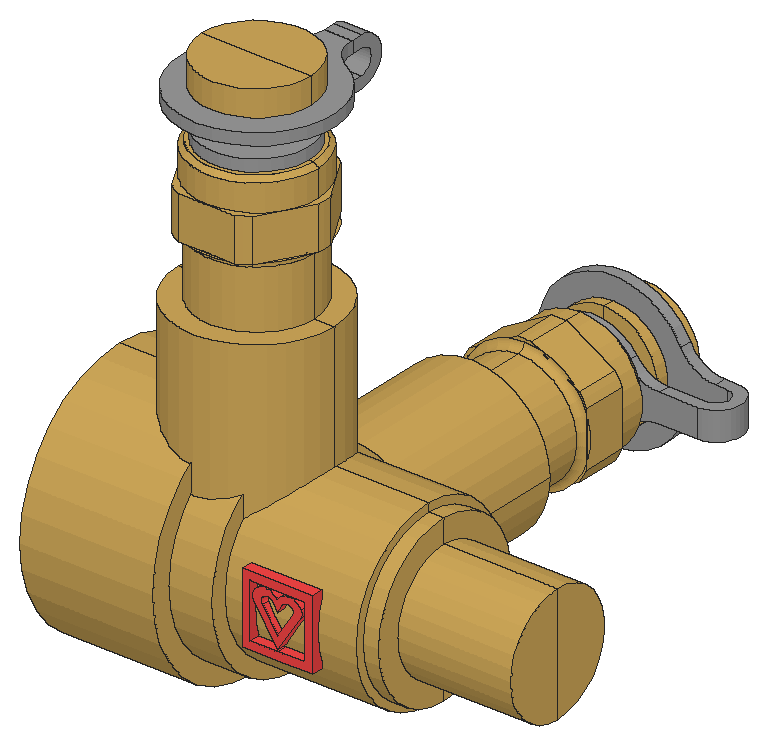
Revit family "Messblende 4000", category Rohrzubehör, Revit 2018
Family settings
  Bemaßung runder Anschluss = Durchmesser verwenden
  Teiletyp = Unterbricht
  OmniClass-Nummer = 23.65.55.14
  OmniClass-Titel = Valves for Liquid Services
  Arbeitsebenenbasiert = Nein
  Immer vertikal = Ja
  Beim Laden mit Abzugskörper schneiden = Nein
  Gemeinsam genutzt = Nein
Parameters
  kvs-Wert [instance] = if(Nennweite = 15.00 mm, 2.2, if(Nennweite = 20.00 mm, 4.25, if(Nennweite = 25.00 mm, 8.6, if(Nennweite = 32.00 mm, 15.9, if(Nennweite = 40.00 mm, 23.7, if(Nennweite = 50.00 mm, 48, 0))))))  # 2.2
  Verwendung = "HERZ-Messblenden werden in die Strangleitungen von Warmwasser- Zentralheizungsanlagen sowie Kühlanlagen eingebaut und ermöglichen den hydraulischen Abgleich der Strangleitungen untereinander.\r\nDer Einsatz der Messblenden ist im Vorlauf als auch im Rücklauf möglich.\r\nSie werden entweder eng gekoppelt an ein HERZ- Strangregulierventil installiert, um ein komplettes Set zu bilden oder in Verbindung mit einer HERZ Absperrarmatur eingesetzt.\r\nDie Einregulierung des Stranges wird durch Einstellen des Strangregulierventiles während der Druckverlustmessung an der Messblende vorgenommen."
  URL = "www.herz-armaturen.at"
  SCRNSEQ = "AWI;AWI_TYP=\"1001\";02"
  SCRNCODE = "02;01;02"  # constant formula
  S03 = 10.00 mm  # constant formula
  S02 [instance] = S01 - 10.00 mm  # 17.50 mm
  S01 [instance] = H01  # 27.50 mm
  R01 [instance] = size_lookup("4000_", "R1", 1.00 mm, Nennweite)  # 10.00 mm
  Nennweite [instance] = 15.00 mm
  Min. Betriebstemperatur = -20 °C  # constant formula
  Messventile = "Messing, CW602N"  # constant formula
  Medium = "Heizungswasserqualität nach ÖNORM H 5195 oder VDI-Richtline 2035.\r\nDie Verwendung von Ethylen- oder Propylenglykol in einem Mischungsverhältnis 25 - 50 Vol.-% ist zulässig."
  Max. Betriebstemperatur (bis DN32) = 130 °C  # constant formula
  Max. Betriebstemperatur (ab DN40) = 110 °C  # constant formula
  Max. Betriebsdruck = 2000000.0 Pa  # constant formula
  LO01 [instance] = if(Nennweite = 15.00 mm, 30.00 mm, if(Nennweite = 20.00 mm, 32.00 mm, if(Nennweite = 25.00 mm, 37.00 mm, if(Nennweite = 32.00 mm, 42.00 mm, if(Nennweite = 40.00 mm, 42.00 mm, if(Nennweite = 50.00 mm, 45.00 mm, 0.00 mm))))))  # 30.00 mm
  L05 [instance] = size_lookup("4000_", "L5", 1.00 mm, Nennweite)  # 23.00 mm
  L04 [instance] = size_lookup("4000_", "L4", 1.00 mm, Nennweite)  # 16.50 mm
  L03 [instance] = size_lookup("4000_", "L3", 1.00 mm, Nennweite)  # 22.60 mm
  L02 [instance] = size_lookup("4000_", "L2", 1.00 mm, Nennweite)  # 17.00 mm
  L01 [instance] = size_lookup("4000_", "L1", 1.00 mm, Nennweite)  # 17.50 mm
  L00 [instance] = size_lookup("4000_", "L", 1.00 mm, Nennweite)  # 56.00 mm
  IG [instance] = Nennweite / 2  # 7.50 mm
  Hersteller = "HERZ Armaturen Ges.m.b.H."  # constant formula
  H01 [instance] = size_lookup("4000_", "H1", 1.00 mm, Nennweite)  # 27.50 mm
  Gehäuse = "Messing, CC770S"  # constant formula
  GT1 [instance] = size_lookup("4000_", "GT1", 1.00 mm, Nennweite)  # 14.50 mm
  GT [instance] = size_lookup("4000_", "GT", 1.00 mm, Nennweite)  # 13.00 mm
  D04 [instance] = D03 - 1.00 mm  # 10.50 mm
  D03 [instance] = size_lookup("4000_", "D3", 1.00 mm, Nennweite)  # 11.50 mm
  D02 [instance] = size_lookup("4000_", "D2", 1.00 mm, Nennweite)  # 13.50 mm
  D01 [instance] = size_lookup("4000_", "D1", 1.00 mm, Nennweite)  # 16.00 mm
  Bestellnummer [instance] = size_lookup("4000_", "Artnr", 0, Nennweite)  # 1400001
  Ausführung = "Die Messblende aus entzinkungsbeständigem Messing besitzt zwei Messventile. Gemäß EN 10226 hat der Eingang ein Innengewinde Rp und der Ausgang ein Außengewinde R."
  AG [instance] = Nennweite / 2  # 7.50 mm
Reference planes
  plane 1 "Mitte (Vorne/hinten)": y = 0
  plane 2: z = 0
  plane 3 "Mitte (Links/rechts)": x = 0
Forms (mm)
  Revolve 1, solid, material "Messing, weicher Gelbton, geschweißt", detail levels fine
    sketch origin (0, 0, 0) x (1, 0, 0) y (0, 0, 1)
      loop
        line (-4.5, 0) -> (38.5, 0) -> (38.5, 7.5) -> (24, 7.5) -> (24, 10.5) -> (22, 10.5) -> (22, 11.5) -> (5.1, 11.5) -> (5.1, 13.5) -> (-0.5, 13.5) -> (-0.5, 16) -> (-17.5, 16) -> (-17.5, 7.5) -> (-4.5, 7.5) -> (-4.5, 0)
      axis (-17.5, 0) -> (38.5, 0)
    angle from 0 to 360
  Revolve 2, solid, material "Messing, weicher Gelbton, geschweißt", detail levels fine
    sketch origin (0, 0, 0) x (1, 0, 0) y (0, 0, 1)
      loop
        line (-10, 7.5) -> (0, 7.5) -> (0, 27.5) -> (-10, 27.5) -> (-10, 7.5)
      axis (0, 27.5) -> (0, 7.5)
    angle from 0 to 360
  Revolve 3, solid, material "Messing, weicher Gelbton, geschweißt", detail levels fine
    sketch origin (0, 0, 0) x (1, 0, 0) y (0, 1, 0)
      loop
        line (5.5, 7.5) -> (15.5, 7.5) -> (15.5, 27.5) -> (5.5, 27.5) -> (5.5, 7.5)
      axis (5.5, 27.5) -> (5.5, 7.5)
    angle from 0 to 360
Lines and regions (mm)
  model lines, detail levels coarse+medium
    curve 1: line (-17.5, 0, 0) -> (0.5, 0, 0)
    curve 2: line (10.5, 0, -27.5) -> (10.5, 0, 27.5)
    curve 3: line (20.5, 0, 17.5) -> (20.5, 0, -17.5)
    curve 4: line (20.5, 0, 0) -> (38.5, 0, 0)
    curve 5: line (0.5, 0, 17.5) -> (0.5, 0, -17.5)
    curve 6: line (-17.5, 0, 0) -> (0.5, 0, 0)
    curve 7: line (10.5, 27.5, 0) -> (10.5, -27.5, 0)
    curve 8: line (0.5, 17.5, 0) -> (0.5, -17.5, 0)
    curve 9: line (20.5, 17.5, 0) -> (20.5, -17.5, 0)
    curve 10: line (20.5, 0, 0) -> (38.5, 0, 0)
Dimensions and locks
  "L00": Revolve 1 sketch curve to Revolve 1 sketch curve
  "GT": Revolve 1 sketch curve to Revolve 1 sketch curve
  "L01": plane 3 "Mitte (Links/rechts)" to Revolve 1 sketch curve
  "GT1": Revolve 1 sketch curve to Revolve 1 sketch curve
  "L02": Revolve 1 sketch curve to Revolve 1 sketch curve
  "L03": Revolve 1 sketch curve to Revolve 1 sketch curve
  "L04": Revolve 1 sketch curve to Revolve 1 sketch curve
  "AG": Revolve 1 sketch curve to plane 2
  "IG": Revolve 1 sketch curve to plane 2
  "D01": Revolve 1 sketch curve to plane 2
  "D02": Revolve 1 sketch curve to plane 2
  "D03": Revolve 1 sketch curve to plane 2
  "D04": Revolve 1 sketch curve to plane 2
  "D03": nested 1 to plane 1 "Mitte (Vorne/hinten)"
  "LO01": Revolve 1 to nested 1
  "IG": Revolve 2 sketch curve to plane 2
  "H01": Revolve 2 sketch curve to plane 2
  "R01": plane 3 "Mitte (Links/rechts)" to Revolve 2 sketch curve
  "H01": nested 2 to plane 2
  "IG": plane 1 "Mitte (Vorne/hinten)" to Revolve 3 sketch curve
  "H01": plane 1 "Mitte (Vorne/hinten)" to Revolve 3 sketch curve
  "R01": Revolve 3 sketch curve to Revolve 3 sketch curve
  "L05": Revolve 1 to Revolve 3 sketch curve  (x2)
  "H01": plane 1 "Mitte (Vorne/hinten)" to nested 3
  "L05": Revolve 1 to nested 3
  "L01": Revolve 1 to nested 2
  "S01": curve 2 to curve 4 to curve 2
  "L00": curve 1 to curve 4
  "S02": curve 3 to curve 4 to curve 3
  "S03": curve 2 to curve 3
  "S03": curve 2 to curve 5
  equal spacing: curve 4, curve 2, curve 1
  "S02": curve 5 to curve 1 to curve 5
  "L01": plane 3 "Mitte (Links/rechts)" to curve 1
  "L00": curve 6 to curve 10
  equal spacing: curve 6, curve 7, curve 10
  "S03": curve 8 to curve 7 to curve 9
  "S02": curve 9 to curve 10 to curve 9
  "S02": curve 8 to curve 6 to curve 8
  "S01": curve 7 to curve 10 to curve 7
  "L01": curve 6 to plane 3 "Mitte (Links/rechts)"
  aligned and locked: level to plane 2
Automatic sketch dimensions
  curve 4 to level = 0.00 mm
  curve 1 to level = 0.00 mm
  plane 1 "Mitte (Vorne/hinten)" to curve 10 = 0.00 mm
  plane 1 "Mitte (Vorne/hinten)" to curve 6 = 0.00 mm
  Revolve 1 sketch curve to level = 0.00 mm  (x2)
  Revolve 1 sketch curve to Revolve 1 sketch curve = 1489.03 mm
  Revolve 1 sketch curve to Revolve 1 sketch curve = 1800.648 mm
  Revolve 2 sketch curve to plane 3 "Mitte (Links/rechts)" = 0.00 mm  (x2)
  Revolve 2 sketch curve to level = 366.045 mm
  Revolve 2 sketch curve to Revolve 2 sketch curve = 2186.815 mm
  Revolve 3 sketch curve to Revolve 3 sketch curve = 0.00 mm  (x2)
Nested families
  nested 1: "Herz-Logo-vorne" at (12.5, -11.5, 0) x (0, 1, 0) z (0, 0, 1), type "Herz-Logo-vorne", detail levels fine
  nested 2: "Messstutzen_Band_Eintritt_senkrecht_(oben)" at (0, 0, 18.5), type "Messstutzen_Band_Eintritt_senkrecht_(oben)", detail levels fine
    with Schutzkappe yes, Nennweite 0.00 mm, Gewicht 0.00 kg, Bestellnummer 0
  nested 3: "Messstutzen_Band_Austritt_waagrecht" at (5.5, 18.5, 0) x (0, -1, 0) z (0, 0, 1), type "Messstutzen_Band_Austritt_waagrecht", detail levels fine
    with Schutzkappe yes, Nennweite 0.00 mm, Gewicht 0.00 kg, Bestellnummer 0
Connectors
  piping at (-4.5, 0, 0), diameter 15, driven by "Nennweite"
    settings: on Revolve 1, index 1, connector inside diameter 609.6 mm, connector length 0.00 mm, flow factor 0, pipe flow 0.0 L/s, pressure drop 0.0 Pa, fitting loss kfactor 0, connector angle 0.00°, fixture units 0, engagement length 0.00 mm, angle of deflection 0.00°, flow configuration 0, flow direction 1, fitting loss method 0, system type 29, joint type 0, gender type 0, connector reference index -1, connector utility 0, adjustable connector no, is connector primary yes, connector description ""
  piping at (38.5, 0, 0), diameter 15, driven by "Nennweite"
    settings: on Revolve 1, index 2, connector inside diameter 609.6 mm, connector length 0.00 mm, flow factor 0, pipe flow 0.0 L/s, pressure drop 0.0 Pa, fitting loss kfactor 0, connector angle 0.00°, fixture units 0, engagement length 0.00 mm, angle of deflection 0.00°, flow configuration 0, flow direction 2, fitting loss method 0, system type 29, joint type 0, gender type 0, connector reference index -1, connector utility 0, adjustable connector no, is connector primary no, connector description ""
Definition of nested family "Herz-Logo-vorne"
  Reference planes
    plane 1 "Mitte (Vorne/hinten)": y = 0
    plane 2: z = 0
    plane 3 "Mitte (Links/rechts)": x = 0
  Forms (mm)
    Extrusion 1, solid
      sketch origin (0.732, -0.018, 0.017) x (0, -1, 0) y (0, 0, 1)
        loop
          line (-0.018, -4.517) -> (4.482, -4.517) -> (4.482, 4.483) -> (-4.518, 4.483) -> (-4.518, -4.517) -> (-0.018, -4.517)
        loop
          line (-0.05, -3.48) -> (3.482, -3.48) -> (3.482, 3.483) -> (-3.518, 3.483) -> (-3.518, -3.48) -> (-0.05, -3.48)
        loop
          arc (-0.018, 2.383) -> (-1.543, 3.287) -> (-3.067, 2.383) r 1.738
          arc (-3.067, 2.383) -> (-3.191, 1.899) -> (-3.067, 1.415) r 1.009
          line (-3.067, 1.415) -> (-0.018, -3.281) -> (3.032, 1.415)
          arc (3.032, 1.415) -> (3.156, 1.899) -> (3.032, 2.383) r 1.009
          arc (3.032, 2.383) -> (1.507, 3.287) -> (-0.018, 2.383) r 1.738
        loop
          arc (1.885, 1.272) -> (2.005, 1.675) -> (1.885, 2.079) r 0.74
          arc (1.885, 2.079) -> (1.265, 2.416) -> (0.644, 2.079) r 0.74
          line (0.644, 2.079) -> (-0.018, 0.97) -> (-0.679, 2.079)
          arc (-0.679, 2.079) -> (-1.3, 2.416) -> (-1.921, 2.079) r 0.74
          arc (-1.921, 2.079) -> (-2.04, 1.675) -> (-1.921, 1.272) r 0.74
          line (-1.921, 1.272) -> (-0.018, -1.658) -> (1.885, 1.272)
      from 0 to 1.5
  Dimensions and locks
    aligned and locked: level to plane 2
Definition of nested family "Messstutzen_Band_Eintritt_senkrecht_(oben)"
  Parameters (values of type "Messstutzen_Band_Eintritt_senkrecht_(oben)")
    URL = "www.herz-armaturen.at"
    Schutzkappe [instance] = yes
    Nennweite [instance] = 0.00 mm
    Manufacturer = "Herz Armaturen GmbH"  # constant formula
    Gewicht [instance] = 0.00 kg
    Bestellnummer [instance] = 0
  Reference planes
    plane 1 "Mitte (Vorne/hinten)": y = 0
    plane 2: z = 0
    plane 3 "Mitte (Links/rechts)": x = 0
    plane 4 "Schlaufe 1": z = -27
    plane 5 "Schlaufe 2": z = -31.678
  Forms (mm)
    Revolve 1, solid, detail levels fine
      sketch origin (0, 0, 0) x (1, 0, 0) y (0, 0, 1)
        loop
          line (-7.4, 9) -> (-5.55, 9) -> (-5.55, 6)
          arc (-5.55, 6) -> (-5.626, 5.617) -> (-5.843, 5.293) r 1
          line (-5.843, 5.293) -> (-6.455, 4.681) -> (-6.455, 0.9) -> (-5.555, 0) -> (-2, 0) -> (-2, 17.5) -> (-8.4, 17.5)
          arc (-8.4, 17.5) -> (-7.693, 17.207) -> (-7.4, 16.5) r 1
          line (-7.4, 16.5) -> (-7.4, 9)
        loop
          line (-3.7, 27) -> (-7.3, 27) -> (-7.9, 26.4) -> (-7.9, 23) -> (-2, 23) -> (-2, 35.8) -> (-3.805, 35.8) -> (-4.415, 35.19) -> (-4.415, 30.863) -> (-3.7, 30.45) -> (-3.7, 27)
        axis (0, 0) -> (0, 35.8)
      angle from 0 to 360
    Extrusion 2, solid, detail levels fine
      sketch origin (0, 0, 17.5) x (0, 1, 0) y (-1, 0, 0)
        loop
          arc (-7.07, 5.156) -> (-7.578, 4.375) -> (-8, 3.544) r 8.75
          line (-8, 3.544) -> (-8, -3.544)
          arc (-8, -3.544) -> (-7.578, -4.375) -> (-7.07, -5.156) r 8.75
          line (-7.07, -5.156) -> (-0.93, -8.7)
          arc (-0.93, -8.7) -> (0, -8.75) -> (0.93, -8.7) r 8.75
          line (0.93, -8.7) -> (7.07, -5.156)
          arc (7.07, -5.156) -> (7.578, -4.375) -> (8, -3.544) r 8.75
          line (8, -3.544) -> (8, 3.544)
          arc (8, 3.544) -> (7.578, 4.375) -> (7.07, 5.156) r 8.75
          line (7.07, 5.156) -> (0.93, 8.7)
          arc (0.93, 8.7) -> (0, 8.75) -> (-0.93, 8.7) r 8.75
          line (-0.93, 8.7) -> (-7.07, 5.156)
      from 0 to 5.5
    Revolve 3, solid, visible <- "Schutzkappe", detail levels fine
      sketch origin (0, 0, 0) x (1, 0, 0) y (0, 0, 1)
        loop
          line (0, 35.878) -> (0, 36.678) -> (-7, 36.678) -> (-7, 33.378) -> (-6.1, 33.378) -> (-6.1, 31.678) -> (-6.9, 31.678) -> (-6.9, 30.178) -> (-4.415, 30.178) -> (-4.415, 35.268) -> (-3.805, 35.878) -> (0, 35.878)
        axis (0, 30.178) -> (0, 36.678)
      angle from 0 to 360
    Extrusion 4, solid, detail levels fine
      sketch origin (0, 0, 28.5) x (1, 0, 0) y (0, 1, 0)
        loop
          circle (0, 0) r 3.7
        loop
          arc (-3.906, 5.505) -> (0, -6.75) -> (3.906, 5.505) r 6.75
          arc (3.906, 5.505) -> (2.358, 7.288) -> (1.8, 9.582) r 5
          line (1.8, 9.582) -> (-1.8, 9.582)
          arc (-1.8, 9.582) -> (-2.358, 7.288) -> (-3.906, 5.505) r 5
      from 0 to -1.5
    Extrusion 5, solid, detail levels fine
      sketch origin (0, 0, 33.178) x (1, 0, 0) y (0, 1, 0)
        loop
          circle (0, 0) r 6.1
        loop
          arc (-4.495, 8.652) -> (0, -9.75) -> (4.495, 8.652) r 9.75
          arc (4.495, 8.652) -> (2.527, 10.493) -> (1.8, 13.089) r 5
          line (1.8, 13.089) -> (-1.8, 13.089)
          arc (-1.8, 13.089) -> (-2.527, 10.493) -> (-4.495, 8.652) r 5
      from 0 to -1.5
    Sweep 6, solid, detail levels fine
      path origin (0, 0, 0) x (0, 0, -1) y (0, -1, 0)
        loop
          line (-27.75, -9.582) -> (-27.75, -14.522)
          arc (-27.75, -14.522) -> (-30.089, -16.862) -> (-32.428, -14.522) r 2.339
          line (-32.428, -14.522) -> (-32.428, -13.089)
      profile origin (0, 12.052, 27.75) x (0, 0, 1) y (1, 0, 0)
        loop
          line (-0.75, -1.8) -> (0.75, -1.8) -> (0.75, 1.8) -> (-0.75, 1.8) -> (-0.75, -1.8)
  Dimensions and locks
    aligned and locked: level to plane 2
Definition of nested family "Messstutzen_Band_Austritt_waagrecht"
  Parameters (values of type "Messstutzen_Band_Austritt_waagrecht")
    URL = "www.herz-armaturen.at"
    Schutzkappe [instance] = yes
    Nennweite [instance] = 0.00 mm
    Manufacturer = "Herz Armaturen GmbH"  # constant formula
    Gewicht [instance] = 0.00 kg
    Bestellnummer [instance] = 0
  Reference planes
    plane 1 "Mitte (Vorne/hinten)": y = 0
    plane 2: z = 0
    plane 3 "Mitte (Links/rechts)": x = 0
  Forms (mm)
    Revolve 1, solid, detail levels fine
      sketch origin (0, 0, 0) x (0, 0, -1) y (1, 0, 0)
        loop
          line (-7.4, -9) -> (-7.4, -16.5)
          arc (-7.4, -16.5) -> (-7.693, -17.207) -> (-8.4, -17.5) r 1
          line (-8.4, -17.5) -> (-2, -17.5) -> (-2, 0) -> (-5.555, 0) -> (-6.455, -0.9) -> (-6.455, -4.681) -> (-5.843, -5.293)
          arc (-5.843, -5.293) -> (-5.626, -5.617) -> (-5.55, -6) r 1
          line (-5.55, -6) -> (-5.55, -9) -> (-7.4, -9)
        loop
          line (-3.7, -27) -> (-3.7, -30.45) -> (-4.415, -30.863) -> (-4.415, -35.19) -> (-3.805, -35.8) -> (-2, -35.8) -> (-2, -23) -> (-7.9, -23) -> (-7.9, -26.4) -> (-7.3, -27) -> (-3.7, -27)
        axis (0, 0) -> (0, -35.8)
      angle from 0 to 360
    Extrusion 2, solid, detail levels fine
      sketch origin (-17.5, 0, 0) x (0, 0, 1) y (0, 1, 0)
        loop
          line (5.156, -7.07) -> (8.7, -0.93)
          arc (8.7, -0.93) -> (8.75, 0) -> (8.7, 0.93) r 8.75
          line (8.7, 0.93) -> (5.156, 7.07)
          arc (5.156, 7.07) -> (4.375, 7.578) -> (3.544, 8) r 8.75
          line (3.544, 8) -> (-3.544, 8)
          arc (-3.544, 8) -> (-4.375, 7.578) -> (-5.156, 7.07) r 8.75
          line (-5.156, 7.07) -> (-8.7, 0.93)
          arc (-8.7, 0.93) -> (-8.75, 0) -> (-8.7, -0.93) r 8.75
          line (-8.7, -0.93) -> (-5.156, -7.07)
          arc (-5.156, -7.07) -> (-4.375, -7.578) -> (-3.544, -8) r 8.75
          line (-3.544, -8) -> (3.544, -8)
          arc (3.544, -8) -> (4.375, -7.578) -> (5.156, -7.07) r 8.75
      from 0 to 5.5
    Revolve 3, solid, visible <- "Schutzkappe", detail levels fine
      sketch origin (0, 0, 0) x (0, 0, -1) y (1, 0, 0)
        loop
          line (0, -35.878) -> (-3.805, -35.878) -> (-4.415, -35.268) -> (-4.415, -30.178) -> (-6.9, -30.178) -> (-6.9, -31.678) -> (-6.1, -31.678) -> (-6.1, -33.378) -> (-7, -33.378) -> (-7, -36.678) -> (0, -36.678) -> (0, -35.878)
        axis (0, -30.178) -> (0, -36.678)
      angle from 0 to 360
    Extrusion 4, solid, detail levels fine
      sketch origin (-27, 0, 0) x (0, 1, 0) y (0, 0, 1)
        loop
          circle (0, 0) r 3.7
        loop
          arc (5.505, 3.906) -> (-6.75, 0) -> (5.505, -3.906) r 6.75
          arc (5.505, -3.906) -> (7.288, -2.358) -> (9.582, -1.8) r 5
          line (9.582, -1.8) -> (9.582, 1.8)
          arc (9.582, 1.8) -> (7.288, 2.358) -> (5.505, 3.906) r 5
      from 0 to -1.5
    Extrusion 5, solid, detail levels fine
      sketch origin (-31.678, 0, 0) x (0, 1, 0) y (0, 0, 1)
        loop
          circle (0, 0) r 6.1
        loop
          arc (8.652, 4.495) -> (-9.75, 0) -> (8.652, -4.495) r 9.75
          arc (8.652, -4.495) -> (10.493, -2.527) -> (13.089, -1.8) r 5
          line (13.089, -1.8) -> (13.089, 1.8)
          arc (13.089, 1.8) -> (10.493, 2.527) -> (8.652, 4.495) r 5
      from 0 to -1.5
    Sweep 6, solid, detail levels fine
      path origin (0, 0, 0) x (0, -1, 0) y (1, 0, 0)
        loop
          line (-9.582, -27.75) -> (-14.522, -27.75)
          arc (-14.522, -27.75) -> (-16.862, -30.089) -> (-14.522, -32.428) r 2.339
          line (-14.522, -32.428) -> (-13.089, -32.428)
      profile origin (-27.75, 12.052, 0) x (-1, 0, 0) y (0, 0, 1)
        loop
          line (-0.75, 1.8) -> (-0.75, -1.8) -> (0.75, -1.8) -> (0.75, 1.8) -> (-0.75, 1.8)
  Cuts and joins
    joined: Extrusion 4, Extrusion 5, Sweep 6
  Dimensions and locks
    aligned and locked: level to plane 2
